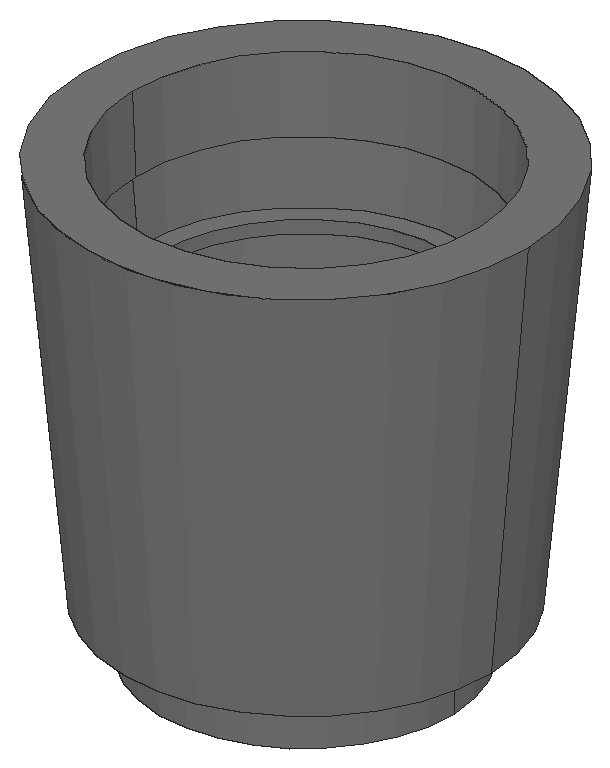
Revit family "Specialty_Equipment-Planter-Planters_Unlimited-Marek-Tapered-Round", category Specialty Equipment, Revit 2023
Family settings
  Round Connector Dimension = Use Diameter
  Part Type = Normal
  OmniClass Number = 23.40.05.21.17
  OmniClass Title = Planters
  Work Plane-Based = No
  Enable Cutting in Views = Yes
  Always vertical = Yes
  Cut with Voids When Loaded = No
  Maintain Annotation Orientation = No
  Shared = No
  Room Calculation Point = No
Parameters (values of type "Default - Load Type Catalog")
  URL = "https://www.plantersunlimited.com"
  Type Comments = "Round Tapered Planter"  # constant formula
  Model = "Marek Series Planters"  # constant formula
  Material = Plastic-Fiberglass-Carlsbad-Semi_Gloss-Charcoal
  Manufacturer = "Planters Unlimited"  # constant formula
  CD_Stiffener Offset Top = CD_Diameter / 23  # 0.78261"
  CD_Stiffener Offset Bottom = CD_Diameter / 13  # 1.38462"
  CD_Stiffener Diameter = CD_Diameter  # 18"
  CD_Requested Length Bottom = CD_Diameter / 1.2  # 15"
  CD_Requested Diameter = 18"
  CD_Requested Height = 18"
  Description = "Modular Planting Bed"  # constant formula
  Default Elevation = 0"
  CD_Specification = ""
  CD_Product Page URL = ""
  CD_Product Name = "Marek Planter"  # constant formula
  CD_Pads Offset Radius = (CD_Bottom Pad Diameter / 2) - 1"  # 5"
  CD_Pads Offset = CD_Pads Offset Radius / 1.4144  # 3 137/256"
  CD_Opening Diameter Top Two = CD_Diameter - 4"  # 14"
  CD_Opening Diameter Bottom Two = CD_Opening Diameter Top Two / 1.02  # 13.72549"
  CD_Offset = 0"
  CD_Microsite = ""
  CD_Diameter Min = 18"
  CD_Diameter Max = 72"
  CD_Opening Diameter Top One = CD_Diameter - 4"  # 14"
  CD_Opening Diameter Bottom One = CD_Opening Diameter Top One / 1.18  # 11.86441"
  CD_Height Min = 18"
  CD_Height Max = 60"
  CD_Height = if(CD_Requested Height < CD_Height Min, CD_Height Min, if(CD_Requested Height > CD_Height Max, CD_Height Max, CD_Requested Height))  # 18"
  CD_Diameter = if(CD_Requested Diameter < CD_Diameter Min, CD_Diameter Min, if(CD_Requested Diameter > CD_Diameter Max, CD_Diameter Max, CD_Requested Diameter))  # 18"
  CD_Bottom Pad Diameter = CD_Diameter / 1.5  # 12"
  Assembly Code = "G2050600"
Reference planes (in)
  plane 1 "Center (Front/Back)": y = 0
  plane 2 "Bottom": z = 0
  plane 3 "Center (Left/Right)": x = 0
  plane 4 "Left": x = -9
  plane 5 "Right": x = 9
  plane 6 "Top": z = 18
  plane 7 "Top of Pads": z = 2.125
  plane 8: z = 0
  plane 9 "Left Bottom": x = -7.5
  plane 10 "Right Bottom": x = 7.5
  plane 11 "Opening Bottom": z = 4.125
  plane 12 "Trim Left": x = -7
  plane 13 "Trim Right": x = 7
  plane 14 "Trim Depth": z = 15
  plane 15 "Stiffener Top": z = 12
  plane 16 "Stiffener Bottom": z = 6
  plane 17 "Left Opening Bottom": x = -5.9322
  plane 18 "Right Opening Bottom": x = 5.9322
  plane 19 "Bottom Pad": z = 0.125
Forms (in)
  Extrusion 1, solid, material "Plastic-Fiberglass-Carlsbad-Semi_Gloss-Charcoal" <- "Material", detail levels fine
    sketch origin (-7.97195, 1.20326, 0) x (1, 0, 0) y (0, 1, 0)
      loop
        line (7.43679, 2.3319) -> (4.43679, 2.3319) -> (4.43679, -0.6681) -> (7.43679, -0.6681) -> (7.43679, 2.3319)
      loop
        line (8.50711, 2.3319) -> (8.50711, -0.6681) -> (11.50711, -0.6681) -> (11.50711, 2.3319) -> (8.50711, 2.3319)
      loop
        line (7.43679, -4.73842) -> (7.43679, -1.73842) -> (4.43679, -1.73842) -> (4.43679, -4.73842) -> (7.43679, -4.73842)
      loop
        line (8.50711, -4.73842) -> (11.50711, -4.73842) -> (11.50711, -1.73842) -> (8.50711, -1.73842) -> (8.50711, -4.73842)
    from 0 to 0.125
  Blend 2, solid, material "Plastic-Fiberglass-Carlsbad-Semi_Gloss-Charcoal" <- "Material", detail levels fine
    base sketch origin (0, 0, 0) x (1, 0, 0) y (0, 1, 0)
      loop
        circle (0, 0) r 7.5
    top sketch origin (0, 0, 0) x (1, 0, 0) y (0, 1, 0)
      loop
        circle (0, 0) r 9
    from 2.125 to 18
  Blend 3, void
    base sketch origin (0, 0, 0) x (1, 0, 0) y (0, 1, 0)
      loop
        circle (0, 0) r 5.9322
    top sketch origin (0, 0, 0) x (1, 0, 0) y (0, 1, 0)
      loop
        circle (0, 0) r 7
    from 4.125 to 15
  Blend 4, void
    base sketch origin (0, 0, 0) x (1, 0, 0) y (0, 1, 0)
      loop
        circle (0, 0) r 6.86275
    top sketch origin (0, 0, 0) x (1, 0, 0) y (0, 1, 0)
      loop
        circle (0, 0) r 7
    from 15 to 18
  Sweep 5, solid, material "Plastic-Fiberglass-Carlsbad-Semi_Gloss-Charcoal" <- "Material", detail levels fine
    path origin (0, 0, 18) x (1, 0, 0) y (0, 1, 0)
      loop
        circle (0, 0) r 9
    profile origin (0, 9, 18) x (0, -1, 0) y (0, 0, 1)
      loop
        line (1.38462, -11.5) -> (1.38462, -12) -> (3.63462, -12) -> (3.63462, -11.5) -> (1.38462, -11.5)
  Sweep 6, solid, material "Plastic-Fiberglass-Carlsbad-Semi_Gloss-Charcoal" <- "Material", detail levels fine
    path origin (0, 0, 80) x (1, 0, 0) y (0, 1, 0)
      loop
        circle (0, 0) r 9
    profile origin (0, 9, 80) x (0, -1, 0) y (0, 0, 1)
      loop
        line (0.78261, -67.5) -> (0.78261, -68) -> (3.03261, -68) -> (3.03261, -67.5) -> (0.78261, -67.5)
  Blend 7, solid, material "Plastic-Fiberglass-Carlsbad-Semi_Gloss-Charcoal" <- "Material", detail levels medium
    base sketch origin (0, 0, 0) x (1, 0, 0) y (0, 1, 0)
      loop
        circle (0, 0) r 7.5
    top sketch origin (0, 0, 0) x (1, 0, 0) y (0, 1, 0)
      loop
        circle (0, 0) r 9
    from 2.125 to 18
  Sweep 8, solid, material "Plastic-Fiberglass-Carlsbad-Semi_Gloss-Charcoal" <- "Material", detail levels medium
    path origin (0, 0, 18) x (1, 0, 0) y (0, 1, 0)
      loop
        circle (0, 0) r 9
    profile origin (0, 9, 18) x (0, -1, 0) y (0, 0, 1)
      loop
        line (1.38462, -11.5) -> (1.38462, -12) -> (3.63462, -12) -> (3.63462, -11.5) -> (1.38462, -11.5)
  Sweep 9, solid, material "Plastic-Fiberglass-Carlsbad-Semi_Gloss-Charcoal" <- "Material", detail levels medium
    path origin (0, 0, 80) x (1, 0, 0) y (0, 1, 0)
      loop
        circle (0, 0) r 9
    profile origin (0, 9, 80) x (0, -1, 0) y (0, 0, 1)
      loop
        line (0.78261, -67.5) -> (0.78261, -68) -> (3.03261, -68) -> (3.03261, -67.5) -> (0.78261, -67.5)
  Blend 10, solid, material "Plastic-Fiberglass-Carlsbad-Semi_Gloss-Charcoal" <- "Material", detail levels coarse
    base sketch origin (0, 0, 0) x (1, 0, 0) y (0, 1, 0)
      loop
        circle (0, 0) r 7.5
    top sketch origin (0, 0, 0) x (1, 0, 0) y (0, 1, 0)
      loop
        circle (0, 0) r 9
    from 0 to 18
  Extrusion 11, solid, material "Plastic-Fiberglass-Carlsbad-Semi_Gloss-Charcoal" <- "Material", detail levels fine
    sketch origin (0, 0, 18) x (1, 0, 0) y (0, 1, 0)
      loop
        circle (0, 0) r 6
    from -17.875 to -15.875
  Extrusion 12, solid, material "Plastic-Fiberglass-Carlsbad-Semi_Gloss-Charcoal" <- "Material", detail levels medium
    sketch origin (0, 0, 18) x (1, 0, 0) y (0, 1, 0)
      loop
        circle (0, 0) r 6
    from -18 to -15.875
Cuts and joins
  Blend 3 cuts Extrusion 1
  Blend 3, Blend 4 cuts Blend 2
  joined: Blend 2, Sweep 5, Sweep 6
  Blend 3, Blend 4 cuts Blend 7
  joined: Blend 7, Sweep 8, Sweep 9
  Blend 3, Blend 4 cuts Blend 10
Lines and regions (in)
  reference lines
    curve 1: circle (0, 0, 0) r 5 normal (0, 0, 1)
    curve 2: arc (5.93014, 0, 0) -> (0, -5.93014, 0) -> (-5.93014, 0, 0) r 5.93014
    curve 3: arc (-5.93014, 0, 0) -> (0, 5.93014, 0) -> (5.93014, 0, 0) r 5.93014
Dimensions and locks (in)
  equal spacing: plane 4 "Left", plane 3 "Center (Left/Right)", plane 5 "Right"
  "CD_Diameter": plane 4 "Left" to plane 5 "Right"
  equal spacing: plane 9 "Left Bottom", plane 3 "Center (Left/Right)", plane 10 "Right Bottom"
  "CD_Requested Length Bottom": plane 9 "Left Bottom" to plane 10 "Right Bottom"
  locked: plane 11 "Opening Bottom" to plane 7 "Top of Pads" at 2
  locked: plane 4 "Left" to plane 12 "Trim Left" at 2
  locked: plane 13 "Trim Right" to plane 5 "Right" at 2
  locked: Extrusion 1 sketch curve to Extrusion 1 sketch curve at 3  (x8)
  "CD_Pads Offset": cut or joined group of Extrusion 1, Blend 3 to plane 1 "Center (Front/Back)"  (x3)
  "CD_Pads Offset": cut or joined group of Extrusion 1, Blend 3 to plane 3 "Center (Left/Right)"  (x2)
  "CD_Pads Offset": plane 1 "Center (Front/Back)" to cut or joined group of Extrusion 1, Blend 3
  "CD_Pads Offset": plane 3 "Center (Left/Right)" to cut or joined group of Extrusion 1, Blend 3  (x2)
  locked: plane 6 "Top" to plane 14 "Trim Depth" at 3
  equal spacing: plane 17 "Left Opening Bottom", plane 3 "Center (Left/Right)", plane 18 "Right Opening Bottom"
  "CD_Opening Diameter Bottom One": plane 17 "Left Opening Bottom" to plane 18 "Right Opening Bottom"
  "CD_Stiffener Offset Bottom": profile plane to Sweep 5 sketch curve
  locked: Sweep 5 sketch curve to Sweep 5 sketch curve at 2.25
  locked: Sweep 5 sketch curve to Sweep 5 sketch curve at 0.5
  "CD_Stiffener Offset Top": profile plane to Sweep 6 sketch curve
  locked: Sweep 6 sketch curve to Sweep 6 sketch curve at 2.25
  locked: Sweep 6 sketch curve to Sweep 6 sketch curve at 0.5
  "CD_Stiffener Offset Bottom": profile plane to Sweep 8 sketch curve
  locked: Sweep 8 sketch curve to Sweep 8 sketch curve at 2.25
  locked: Sweep 8 sketch curve to Sweep 8 sketch curve at 0.5
  "CD_Stiffener Offset Top": profile plane to Sweep 9 sketch curve
  locked: Sweep 9 sketch curve to Sweep 9 sketch curve at 2.25
  locked: Sweep 9 sketch curve to Sweep 9 sketch curve at 0.5
  locked: plane 19 "Bottom Pad" to plane 2 "Bottom" at 0.125
  locked: plane 7 "Top of Pads" to plane 19 "Bottom Pad" at 2
  "CD_Offset": plane 2 "Bottom" to level
  equal spacing: plane 6 "Top", plane 15 "Stiffener Top", plane 16 "Stiffener Bottom", plane 2 "Bottom"
  "CD_Height": plane 6 "Top" to plane 2 "Bottom"
  "CD_Requested Length Bottom": diameter of Blend 2 sketch curve
  "CD_Diameter": diameter of Blend 2 sketch curve
  "CD_Opening Diameter Bottom One": diameter of Blend 3 sketch curve
  "CD_Opening Diameter Top One": diameter of Blend 3 sketch curve
  "CD_Pads Offset Radius": radius of curve 1
  "CD_Opening Diameter Bottom Two": diameter of Blend 4 sketch curve
  "CD_Opening Diameter Top Two": diameter of Blend 4 sketch curve
  "CD_Stiffener Diameter": diameter of Sweep 6 sketch curve
  "CD_Requested Length Bottom": diameter of Blend 7 sketch curve
  "CD_Diameter": diameter of Blend 7 sketch curve
  "CD_Stiffener Diameter": diameter of Sweep 9 sketch curve
  "CD_Stiffener Diameter": diameter of Sweep 8 sketch curve
  "CD_Requested Length Bottom": diameter of Blend 10 sketch curve
  "CD_Diameter": diameter of Blend 10 sketch curve
  "CD_Bottom Pad Diameter": diameter of Extrusion 11 sketch curve
  "CD_Bottom Pad Diameter": diameter of Extrusion 12 sketch curve
  aligned and locked: plane 1 "Center (Front/Back)" to Blend 2 sketch curve  (x2)
  aligned and locked: plane 3 "Center (Left/Right)" to Blend 2 sketch curve  (x2)
  aligned and locked: Blend 2 to plane 7 "Top of Pads"
  aligned and locked: plane 1 "Center (Front/Back)" to Blend 3 sketch curve  (x2)
  aligned and locked: plane 3 "Center (Left/Right)" to Blend 3 sketch curve  (x2)
  aligned and locked: Blend 3 to plane 11 "Opening Bottom"
  aligned and locked: plane 14 "Trim Depth" to Blend 3
  aligned and locked: Blend 4 to plane 14 "Trim Depth"
  aligned and locked: plane 6 "Top" to Blend 4
  aligned and locked: Blend 4 to Blend 3
  aligned and locked: plane 6 "Top" to Blend 2
  aligned and locked: Sweep 5 sketch curve to plane 16 "Stiffener Bottom"
  aligned and locked: Sweep 6 sketch curve to plane 15 "Stiffener Top"
  aligned and locked: plane 6 "Top" to Blend 7
  aligned and locked: Sweep 9 sketch curve to plane 15 "Stiffener Top"
  aligned and locked: Sweep 8 sketch curve to plane 16 "Stiffener Bottom"
  aligned and locked: plane 1 "Center (Front/Back)" to Blend 7 sketch curve  (x2)
  aligned and locked: plane 3 "Center (Left/Right)" to Blend 7 sketch curve  (x2)
  aligned and locked: plane 6 "Top" to Blend 10
  aligned and locked: plane 1 "Center (Front/Back)" to Blend 10 sketch curve
  aligned and locked: plane 3 "Center (Left/Right)" to Blend 10 sketch curve
  aligned and locked: plane 19 "Bottom Pad" to Extrusion 1
  aligned and locked: Blend 10 to plane 2 "Bottom"
  aligned and locked: Extrusion 1 to plane 2 "Bottom"
  aligned and locked: plane 7 "Top of Pads" to Extrusion 11
  aligned and locked: Extrusion 11 to cut or joined group of Extrusion 1, Blend 3
  aligned and locked: plane 1 "Center (Front/Back)" to Extrusion 11 sketch curve
  aligned and locked: plane 3 "Center (Left/Right)" to Extrusion 11 sketch curve
  aligned and locked: Extrusion 12 to plane 2 "Bottom"
  aligned and locked: plane 7 "Top of Pads" to Extrusion 12
  aligned and locked: plane 1 "Center (Front/Back)" to Extrusion 12 sketch curve
  aligned and locked: plane 3 "Center (Left/Right)" to Extrusion 12 sketch curve
  aligned and locked: Blend 7 to plane 7 "Top of Pads"
Automatic sketch dimensions
  plane 17 "Left Opening Bottom" to Extrusion 1 sketch curve = 2.39704"  (x2)
  plane 18 "Right Opening Bottom" to Extrusion 1 sketch curve = 5.39704"  (x2)
  plane 1 "Center (Front/Back)" to Extrusion 1 sketch curve = 3 137/256"  (x2)
  Extrusion 1 sketch curve to plane 1 "Center (Front/Back)" = 137/256"  (x2)
  curve 1 to curve 3 = 0"  (x2)
  plane 1 "Center (Front/Back)" to curve 3 = 0"
  curve 2 to plane 3 "Center (Left/Right)" = 0"
  plane 17 "Left Opening Bottom" to curve 2 = 0.00207"
  plane 1 "Center (Front/Back)" to Blend 4 sketch curve = 0"  (x2)
  Blend 4 sketch curve to plane 3 "Center (Left/Right)" = 0"  (x2)
  plane 1 "Center (Front/Back)" to Sweep 6 sketch curve = 0"
  Sweep 6 sketch curve to plane 3 "Center (Left/Right)" = 0"
  plane 1 "Center (Front/Back)" to Sweep 9 sketch curve = 0"
  Sweep 9 sketch curve to plane 3 "Center (Left/Right)" = 0"
  plane 1 "Center (Front/Back)" to Blend 10 sketch curve = 0"
  Blend 10 sketch curve to plane 3 "Center (Left/Right)" = 0"
  radius of Sweep 5 sketch curve to Blend 2 = 0"
